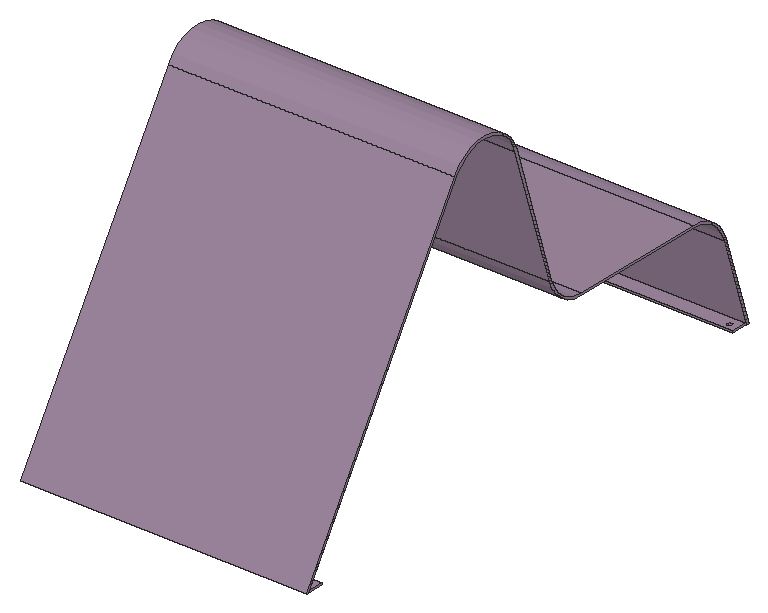
Revit family "62501-S", category Meble, Revit 2021
Family settings
  Numer OmniClass = 23.40.20.00
  Tytuł OmniClass = General Furniture and Specialties
  Oparty na płaszczyźnie roboczej = Nie
  Zawsze pionowo = Tak
  Tnij formami wycięć po wczytaniu = Nie
  Współdzielony = Nie
  Punkt obliczania pomieszczeń = Nie
Parameters (values of type "62501-s")
  metal = Kobenhagen RAL 4001
  Width = "70 cm"
  Weight = ""
  URL = "https://kobenhagen.com/en_US/p/restad-Chair/75"
  Seat height = "29 cm"
  Product line = "Ørestad"
  Product Groups = "Chairs"
  Producent = "Lars Laj"
  Keynote = ""
  Opis = "Ørestad Chair"
  Model = "62501-S"
  Material = "Powder coated steel"
  Maintenance = "We recommend to examine and tighten all screws and bolt clamps after a few weeks’ use. In order to prevent cracks and to extend the life of the wood, it is recommended that the wood details should be oiled every 3-5 years."
  Lenght = "135 cm"
  Type Comments = ""
  Kobenhagen Materials = "larslaj.com/bim"
  Hosted on larslaj.com = "https://larslaj.com/bim"
  Height = "77 cm"
  Domyślna rzędna = 0.0 cm
  Copyright = "All designs and drawings are the intellectual property of Lars Laj A/S and are protected by Danish and international copyright laws."
Reference planes (cm)
  plane 1 "front": y = 0
  plane 2: z = 0
  plane 3 "Środek (Lewa/Prawa)": x = 0
Forms (cm)
  Extrusion 1, solid, material "Kobenhagen RAL 4001" <- "metal", not visible
    sketch origin (0, 0, 0) x (0, 1, 0) y (0, 0, 1)
      loop
        arc (7.1187, 45.15) -> (5.7045, 44.5642) -> (5.1187, 43.15) r 2
        line (5.1187, 43.15) -> (5.1187, 1.8231)
        arc (5.1187, 1.8231) -> (5.6527, 0.534) -> (6.9418, 0) r 1.8231
        line (6.9418, 0) -> (15.3638, 0) -> (15.3638, 1.5) -> (44.8638, 1.5) -> (44.8638, 0) -> (52.7023, 0)
        arc (52.7023, 0) -> (54.2307, 0.6331) -> (54.8638, 2.1615) r 2.1615
        line (54.8638, 2.1615) -> (54.8638, 42.9407)
        arc (54.8638, 42.9407) -> (54.2168, 44.5029) -> (52.6545, 45.15) r 2.2093
        line (52.6545, 45.15) -> (7.1187, 45.15)
    from 75.0378 to 74.5
  Extrusion 2, solid, material "Kobenhagen RAL 4001" <- "metal", not visible
    sketch origin (0, 0, 0) x (0, 1, 0) y (0, 0, 1)
      loop
        line (54.8638, 39.6844) -> (62.9375, 85.4725) -> (60.1836, 85.9581)
        arc (60.1836, 85.9581) -> (58.5224, 85.5898) -> (57.6082, 84.1547) r 2.2232
        line (57.6082, 84.1547) -> (50.7306, 45.15) -> (52.6545, 45.15)
        arc (52.6545, 45.15) -> (54.2168, 44.5029) -> (54.8638, 42.9407) r 2.2093
        line (54.8638, 42.9407) -> (54.8638, 39.6844)
    from 74.5 to 75.0378
  Extrusion 3, solid, material "Kobenhagen RAL 4001" <- "metal"
    sketch origin (0, 0, 0.5) x (0, 1, 0) y (0, 0, 1)
      loop
        line (69.9498, -0.5) -> (69.9498, 0) -> (65.9498, 0) -> (65.9498, -0.5) -> (69.9498, -0.5)
    from -35 to 35
  Extrusion 4, solid, material "Kobenhagen RAL 4001" <- "metal"
    sketch origin (0, 0, 0.5) x (0, 1, 0) y (0, 0, 1)
      loop
        line (-63.6634, -0.5) -> (-59.6634, -0.5) -> (-59.6634, 0) -> (-63.6634, 0) -> (-63.6634, -0.5)
    from -35 to 35
  Extrusion 5, solid, material "Kobenhagen RAL 4001" <- "metal"
    sketch origin (-3.3221, 0, 0.5) x (0, 1, 0) y (0, 0, 1)
      loop
        line (-63.9805, -0.5) -> (-18.6934, 70.9046)
        arc (-18.6934, 70.9046) -> (-8.9634, 75.4657) -> (-0.7175, 68.575) r 10
        line (-0.7175, 68.575) -> (9.7943, 35.4692)
        arc (9.7943, 35.4692) -> (13.5733, 30.1937) -> (19.7315, 28.1471) r 10.5
        line (19.7315, 28.1471) -> (53.8353, 27.9184)
        arc (53.8353, 27.9184) -> (59.7002, 25.9692) -> (63.2993, 20.9449) r 10
        line (63.2993, 20.9449) -> (70.1086, -0.5) -> (70.5851, -0.3487) -> (63.7759, 21.0962)
        arc (63.7759, 21.0962) -> (59.9968, 26.3717) -> (53.8387, 28.4184) r 10.5
        line (53.8387, 28.4184) -> (19.7349, 28.647)
        arc (19.7349, 28.647) -> (13.8699, 30.5962) -> (10.2708, 35.6205) r 10
        line (10.2708, 35.6205) -> (-0.241, 68.7263)
        arc (-0.241, 68.7263) -> (-8.8991, 75.9616) -> (-19.1156, 71.1724) r 10.5
        line (-19.1156, 71.1724) -> (-64.4027, -0.2322) -> (-63.9805, -0.5)
    from -31.6779 to 38.3221
  Extrusion 6, void
    sketch origin (-3.3221, 0, 0) x (1, 0, 0) y (0, 1, 0)
      loop
        circle (36.3106, 67.4522) r 0.5753
    from -2.3203 to 1.8263
  Extrusion 7, void
    sketch origin (-69.3221, 0, 0) x (1, 0, 0) y (0, 1, 0)
      loop
        circle (36.3106, 67.4522) r 0.5753
    from -2.3203 to 1.8263
  Extrusion 8, void
    sketch origin (-69.3221, -128.6042, 0) x (1, 0, 0) y (0, 1, 0)
      loop
        circle (36.3106, 67.4522) r 0.5753
    from -3.0415 to 1.8263
  Extrusion 9, void
    sketch origin (-4.3426, -128.7622, 0) x (1, 0, 0) y (0, 1, 0)
      loop
        circle (36.3106, 67.4522) r 0.5753
    from -3.0415 to 1.8263
Cuts and joins
  Extrusion 6, Extrusion 7 cuts Extrusion 3
  Extrusion 6, Extrusion 7, Extrusion 8 cuts Extrusion 5
  Extrusion 8, Extrusion 9 cuts Extrusion 4
Dimensions and locks (cm)
  aligned and locked: level to plane 2
